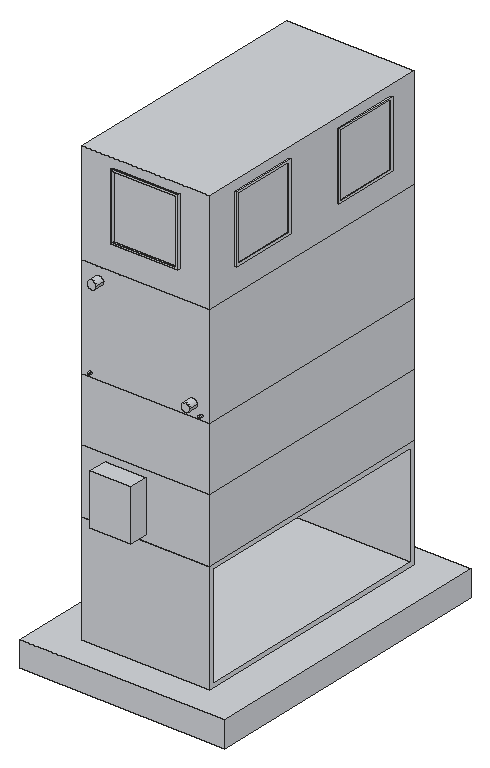
Revit family
Parameters
  Voltage [instance] = 480 V
  Unit Weight (lbs) = 5395
  Type Filter [instance] = "V-Bank"
  Type Fan [instance] = ""
  Type Coil = "CW"
  Type Blower [instance] = ""
  Total Static Pressure [instance] = 0.00 in-wg
  Total Cooling Capacity [instance] = 0.0 Btu/h
  Temperature Drop [instance] = 0 °F
  Supply Offset = 0' - 4"
  Supply Air Pressure Drop [instance] = 0.00 in-wg
  Supply Air Outlet Flow [instance] = 0 CFM
  Supply Air Inlet Flow [instance] = 0 CFM
  Supply = 1' - 8"
  URL = "http://appliedair.com/index.asp"
  Size Grilles [instance] = "30x30"
  Size Filters [instance] = "20x20x2"
  Size Blowers [instance] = "18x18"
  Series = "IFA"
  Rows Deep/FPI [instance] = "4/6"
  Right Coil Vertical Offset = 0' - 6"
  Right Coil Horizontal Offset = 0' - 8"
  Return Width Individual Opening = 2' - 7"
  Return Width = Nominal Length - 0' 4"  # 9' - 8"
  Return Height = 4' - 0"
  Return Air Pressure Drop [instance] = 0.00 in-wg
  Return Air Inlet Flow [instance] = 0 CFM
  Product URL = "http://appliedair.com/ifa.asp"
  Phase [instance] = 3
  OmniClass = "23-75 10 24 21 27 11"
  Number of Poles [instance] = 3
  Number of Motors [instance] = 0
  Number of Grills [instance] = 4
  Number of Filters [instance] = 36
  Number of Coils = 2
  Number of Blowers [instance] = 3
  Nominal Width = 5' - 0"
  Nominal Length = 10' - 0"
  Nominal Height = 17' - 4"
  Nominal Cooling Capacity Tons = 0
  Motor Amps [instance] = 0 A
  Model = "250 Cooling Only"
  Manufacturer = "Applied Air"
  Left Coil Vertical Offset = 0' - 6"
  Left Coil Horizontal Offset = 0' - 8"
  Leaving Water Temperature = 0 °F
  Grilles Height = 2' - 6"
  Grilles Width = 2' - 6"
  G = 4' - 0"
  Frequency = 60 Hz
  Feet Pressure Drop [instance] = 0' - 0"
  Face Velocity (FPM) [instance] = 0
  F = 4' - 0"
  Entering Water Temperature [instance] = 0 °F
  E = 2' - 6"
  Drain Vertical Offset = 0' - 2"
  Drain Radius = 0' - 0 1/2"
  Drain Pressure Drop [instance] = 0.00 psi
  Drain Horizontal Offset = 0' - 4"
  Drain Flow [instance] = 0 GPM
  Disconnect Switch = yes
  Description = "Cooling Coil Air Turnover System"
  Default Elevation = 0' - 0"
  D = 2' - 6"
  Cooling Sensible Capacity [instance] = 0 Btu/h
  Cooling Leaving Air Temperature Wet Bulb [instance] = 0 °F
  Cooling Leaving Air Temperature Dry Bulb [instance] = 0 °F
  Cooling Entering Air Temperature Wet Bulb [instance] = 0 °F
  Cooling Entering Air Temperature Dry Bulb [instance] = 0 °F
  Control Cabinet Offset = 0' - 9 3/256"
  Coil Radius = 0' - 2"
  Coil Offset = 0' - 4 51/256"
  Coil Face Area [instance] = if(Choose Coil Option = 1, 22.50 SF, if(Choose Coil Option = 2, 27.00 SF, if(Choose Coil Option = 3, 29.25 SF, 0.00 SF)))  # 22.50 SF
  Coil Air Pressure Drop [instance] = 0
  Choose Coil Option = 1
  Chilled Water Pressure [instance] = 0.00 in-wg
  Chilled Water Flow [instance] = 0 GPM
  C = 4' - 4"
  Blower Motor Horsepower [instance] = 0
  Assembly Code = "D3030200"
  Apparent Power [instance] = (Motor Amps * Number of Motors) * Voltage * sqrt(3)  # 0 VA
  Ambient Temperature [instance] = 0 °F
  39x108 Coils = Choose Coil Option = 3  # no
  36x108 Coils = Choose Coil Option = 2  # no
  30x108 Coils = Choose Coil Option = 1  # yes
Reference planes (in)
  plane 1 "Center (Front/Back)": y = 0
  plane 2: z = 0
  plane 3 "Center (Left/Right)": x = 0
  plane 4: z = 52
  plane 5: z = 82
  plane 6: z = 112
  plane 7: z = 160
  plane 8: z = 208
  plane 9: y = 60
  plane 10: y = -60
  plane 11: x = 30
  plane 12: x = -30
  plane 13: z = 188
  plane 14: y = -61.2
  plane 15: y = 61.2
  plane 16: x = 31.1875
  plane 17: x = 22
  plane 18: x = -22
  plane 19: z = 118
  plane 20: z = 154
  plane 21: y = -64.19922
  plane 22: z = 79
  plane 23: z = 55
  plane 24: y = -69.01172
  plane 25: z = 114
  plane 26: x = 26
  plane 27: x = -26
  plane 28: y = 30
  plane 29: y = -30
Forms (in)
  Extrusion 1, solid
    sketch origin (0, 0, 0) x (1, 0, 0) y (0, 1, 0)
      loop
        line (-48, 70.58401) -> (-48, -73.9399) -> (48, -73.9399) -> (48, 70.58401) -> (-48, 70.58401)
    from 0 to -12
  Extrusion 2, solid
    sketch origin (0, 50, 0) x (1, 0, 0) y (0, 0, 1)
      loop
        line (-30, 0) -> (30, 0) -> (30, 52) -> (-30, 52) -> (-30, 0)
    from -10 to 110
  Extrusion 3, solid
    sketch origin (0, 50, 52) x (1, 0, 0) y (0, 0, 1)
      loop
        line (-30, 0) -> (30, 0) -> (30, 30) -> (-30, 30) -> (-30, 0)
    from -10 to 110
  Extrusion 4, solid
    sketch origin (0, 50, 82) x (1, 0, 0) y (0, 0, 1)
      loop
        line (-30, 0) -> (30, 0) -> (30, 30) -> (-30, 30) -> (-30, 0)
    from -10 to 110
  Extrusion 5, solid
    sketch origin (0, 50, 112) x (1, 0, 0) y (0, 0, 1)
      loop
        line (-30, 0) -> (30, 0) -> (30, 48) -> (-30, 48) -> (-30, 0)
    from -10 to 110
  Extrusion 6, solid
    sketch origin (0, 50, 154) x (1, 0, 0) y (0, 0, 1)
      loop
        line (-30, 6) -> (30, 6) -> (30, 54) -> (-30, 54) -> (-30, 6)
    from -10 to 110
  Extrusion 7, solid
    sketch origin (0, 0, 0) x (1, 0, 0) y (0, 0, 1)
      loop
        line (-15, 203) -> (-15, 173) -> (15, 173) -> (15, 203) -> (-15, 203)
      loop
        line (-15.75, 172.25) -> (15.75, 172.25) -> (15.75, 203.75) -> (-15.75, 203.75) -> (-15.75, 172.25)
    from 60 to 61.2
  Extrusion 8, solid
    sketch origin (0, 0, 0) x (1, 0, 0) y (0, 0, -1)
      loop
        line (-15, -203) -> (15, -203) -> (15, -173) -> (-15, -173) -> (-15, -203)
      loop
        line (-15.75, -172.25) -> (-15.75, -203.75) -> (15.75, -203.75) -> (15.75, -172.25) -> (-15.75, -172.25)
    from 60 to 61.2
  Extrusion 9, solid
    sketch origin (0, 0, 0) x (0, 1, 0) y (0, 0, 1)
      loop
        line (-45, 203) -> (-45, 173) -> (-15, 173) -> (-15, 203) -> (-45, 203)
      loop
        line (15, 203) -> (15, 173) -> (45, 173) -> (45, 203) -> (15, 203)
      loop
        line (-45.75, 172.25) -> (-14.25, 172.25) -> (-14.25, 203.75) -> (-45.75, 203.75) -> (-45.75, 172.25)
      loop
        line (14.25, 172.25) -> (45.75, 172.25) -> (45.75, 203.75) -> (14.25, 203.75) -> (14.25, 172.25)
    from 30 to 31.1875
  Extrusion 10, void
    sketch origin (0, 0, 0) x (0, 1, 0) y (0, 0, 1)
      loop
        line (-58, 2) -> (58, 2) -> (58, 50) -> (-58, 50) -> (-58, 2)
    from -30 to 30
  Extrusion 11, solid
    sketch origin (0, 0, 0) x (1, 0, 0) y (0, 0, 1)
      loop
        circle (-22, 154) r 2
      loop
        circle (22, 118) r 2
    from 60 to 64.19922
  Extrusion 12, solid
    sketch origin (0, 0, 0) x (1, 0, 0) y (0, 0, 1)
      loop
        line (-19, 55) -> (0, 55) -> (0, 79) -> (-19, 79) -> (-19, 55)
    from 60 to 69.01172
  Extrusion 13, solid
    sketch origin (0, 0, 0) x (1, 0, 0) y (0, 0, 1)
      loop
        circle (26, 114) r 0.5
      loop
        circle (-26, 114) r 0.5
    from 60 to 61.2
  Extrusion 14, solid
    sketch origin (0, 0, 0) x (1, 0, 0) y (0, 0, 1)
      loop
        line (-26, 80) -> (-26, 54) -> (26, 54) -> (26, 80) -> (-26, 80)
    from -61.2 to -60
Cuts and joins
  Extrusion 10 cuts Extrusion 2
Dimensions and locks (in)
  "C": plane 4 to plane 2
  "D": plane 5 to plane 4
  "E": plane 6 to plane 5
  "F": plane 7 to plane 6
  "G": plane 8 to plane 7
  locked: plane 14 to plane 10 at 1.2
  locked: plane 9 to plane 15 at 1.2
  "Nominal Length": plane 10 to plane 9
  "Nominal Width": plane 12 to plane 11
  equal spacing: plane 12, plane 3 "Center (Left/Right)", plane 11
  plane 8 to plane 2 = 17' - 4"
  locked: plane 11 to plane 16 at 1.1875
  "Supply": plane 8 to plane 13
  "Return Height": Extrusion 10 sketch curve to Extrusion 10 sketch curve
  "Right Coil Horizontal Offset": plane 17 to plane 11
  "Left Coil Horizontal Offset": plane 12 to plane 18
  "Right Coil Vertical Offset": plane 19 to plane 6
  "Left Coil Vertical Offset": plane 7 to plane 20
  locked: Extrusion 11 sketch curve to plane 18 at 0
  locked: Extrusion 11 sketch curve to plane 17 at 0
  locked: Extrusion 11 sketch curve to plane 19 at 0
  locked: Extrusion 11 sketch curve to plane 20 at 0
  "Coil Offset": plane 21 to plane 10
  locked: Extrusion 12 sketch curve to Extrusion 12 sketch curve at 19
  locked: plane 22 to plane 23 at 24
  locked: plane 5 to plane 22 at 3
  "Control Cabinet Offset": plane 24 to plane 10
  "Drain Vertical Offset": plane 25 to plane 6
  "Drain Horizontal Offset": plane 26 to plane 11
  "Drain Horizontal Offset": plane 12 to plane 27
  locked: Extrusion 13 sketch curve to plane 25 at 0  (x2)
  locked: Extrusion 13 sketch curve to plane 27 at 0
  locked: Extrusion 13 sketch curve to plane 26 at 0
  "Grilles Height": Extrusion 7 sketch curve to Extrusion 7 sketch curve  (x2)
  equal spacing: Extrusion 7 sketch curve, plane 13, Extrusion 7 sketch curve
  equal spacing: Extrusion 7 sketch curve, plane 3 "Center (Left/Right)", Extrusion 7 sketch curve
  equal spacing: Extrusion 8 sketch curve, plane 13, Extrusion 8 sketch curve
  "Grilles Height": Extrusion 8 sketch curve to Extrusion 8 sketch curve  (x2)
  equal spacing: Extrusion 8 sketch curve, plane 3 "Center (Left/Right)", Extrusion 8 sketch curve
  locked: Extrusion 14 sketch curve to plane 27 at 0
  locked: Extrusion 14 sketch curve to plane 26 at 0
  locked: Extrusion 14 sketch curve to plane 4 at 2
  locked: Extrusion 14 sketch curve to plane 5 at 2
  equal spacing: plane 10, plane 1 "Center (Front/Back)", plane 9
  plane 10 to plane 29 to plane 1 "Center (Front/Back)" to plane 28 to plane 9 = 2' - 6", 2' - 6", 2' - 6", 2' - 6"
  equal spacing: Extrusion 9 sketch curve, plane 29, Extrusion 9 sketch curve
  "Grilles Width": Extrusion 9 sketch curve to Extrusion 9 sketch curve  (x2)
  "Grilles Height": Extrusion 9 sketch curve to Extrusion 9 sketch curve  (x2)
  equal spacing: Extrusion 9 sketch curve, plane 13, Extrusion 9 sketch curve  (x2)
  equal spacing: Extrusion 9 sketch curve, plane 28, Extrusion 9 sketch curve
  "Coil Radius": radius of Extrusion 11 sketch curve  (x2)
  "Drain Radius": radius of Extrusion 13 sketch curve  (x2)
  aligned and locked: plane 2 to Extrusion 1
  aligned and locked: level to Extrusion 1
  aligned and locked: Extrusion 2 to plane 2
  aligned and locked: Extrusion 2 to plane 4
  aligned and locked: plane 4 to Extrusion 3
  aligned and locked: plane 5 to Extrusion 3
  aligned and locked: Extrusion 4 to plane 5
  aligned and locked: plane 6 to Extrusion 4
  aligned and locked: Extrusion 5 to plane 6
  aligned and locked: plane 7 to Extrusion 5
  aligned and locked: plane 8 to Extrusion 6
  aligned and locked: Extrusion 6 to plane 7
  aligned and locked: plane 9 to Extrusion 2
  aligned and locked: Extrusion 3 to plane 9
  aligned and locked: Extrusion 4 to plane 9
  aligned and locked: Extrusion 5 to plane 9
  aligned and locked: Extrusion 6 to plane 9
  aligned and locked: plane 10 to Extrusion 2
  aligned and locked: plane 10 to Extrusion 3
  aligned and locked: plane 10 to Extrusion 4
  aligned and locked: plane 10 to Extrusion 5
  aligned and locked: plane 10 to Extrusion 6
  aligned and locked: plane 11 to Extrusion 6
  aligned and locked: Extrusion 5 to plane 11
  aligned and locked: Extrusion 4 to plane 11
  aligned and locked: plane 11 to Extrusion 3
  aligned and locked: Extrusion 2 to plane 11
  aligned and locked: plane 12 to Extrusion 6
  aligned and locked: plane 12 to Extrusion 5
  aligned and locked: plane 12 to Extrusion 4
  aligned and locked: plane 12 to Extrusion 3
  aligned and locked: plane 12 to Extrusion 2
  aligned and locked: plane 14 to Extrusion 7
  aligned and locked: Extrusion 7 to plane 10
  aligned and locked: Extrusion 8 to plane 15
  aligned and locked: plane 11 to Extrusion 9
  aligned and locked: Extrusion 9 to plane 16
  aligned and locked: Extrusion 2 to Extrusion 10  (x2)
  aligned and locked: Extrusion 11 to plane 10
  aligned and locked: plane 21 to Extrusion 11
  aligned and locked: plane 22 to Extrusion 12 sketch curve
  aligned and locked: Extrusion 12 sketch curve to plane 23
  aligned and locked: Extrusion 12 to plane 10
  aligned and locked: plane 24 to Extrusion 12
  aligned and locked: plane 14 to Extrusion 13
  aligned and locked: Extrusion 4 to Extrusion 13
  aligned and locked: plane 15 to Extrusion 14
  aligned and locked: Extrusion 14 to Extrusion 3
  aligned and locked: Extrusion 8 to Extrusion 6
Automatic sketch dimensions
  Extrusion 1 sketch curve to Extrusion 1 sketch curve = 8' - 0"
  Extrusion 1 sketch curve to Extrusion 1 sketch curve = 12' - 0.52391"
  Extrusion 2 sketch curve to level = 0' - 0"
  Extrusion 2 sketch curve to plane 12 = 0' - 0"
  Extrusion 2 sketch curve to plane 4 = 0' - 0"
  Extrusion 2 sketch curve to plane 11 = 0' - 0"
  Extrusion 3 sketch curve to plane 4 = 0' - 0"
  Extrusion 3 sketch curve to plane 12 = 0' - 0"
  Extrusion 3 sketch curve to plane 5 = 0' - 0"
  Extrusion 3 sketch curve to plane 11 = 0' - 0"
  Extrusion 4 sketch curve to plane 5 = 0' - 0"
  Extrusion 4 sketch curve to plane 12 = 0' - 0"
  Extrusion 4 sketch curve to plane 6 = 0' - 0"
  Extrusion 4 sketch curve to plane 11 = 0' - 0"
  Extrusion 5 sketch curve to plane 6 = 0' - 0"
  Extrusion 5 sketch curve to plane 12 = 0' - 0"
  Extrusion 5 sketch curve to plane 7 = 0' - 0"
  Extrusion 5 sketch curve to plane 11 = 0' - 0"
  Extrusion 6 sketch curve to plane 7 = 0' - 0"
  Extrusion 6 sketch curve to plane 12 = 0' - 0"
  Extrusion 6 sketch curve to plane 8 = 0' - 0"
  Extrusion 6 sketch curve to plane 11 = 0' - 0"
  Extrusion 12 sketch curve to plane 3 "Center (Left/Right)" = 0' - 0"
  Extrusion 9 sketch curve to Extrusion 9 sketch curve = 0' - 0 3/4"  (x5)
  Extrusion 7 sketch curve to Extrusion 7 sketch curve = 0' - 0 3/4"  (x4)
  Extrusion 8 sketch curve to Extrusion 8 sketch curve = 0' - 0 3/4"  (x4)
  Extrusion 10 sketch curve to plane 10 = 0' - 2"
  plane 9 to Extrusion 10 sketch curve = 0' - 2"
  level to Extrusion 10 sketch curve = 0' - 2"
  plane 7 to Extrusion 9 sketch curve = 1' - 0 1/4"  (x2)
  Extrusion 9 sketch curve to plane 1 "Center (Front/Back)" = 1' - 2 1/4"
Connectors (in)
  piping at (-22, -64.19922, 154), driven by "Coil Radius", driven by "Chilled Water Flow", driven by "Chilled Water Pressure"
    settings: on Extrusion 11, index 1
  piping at (22, -64.19922, 118), driven by "Coil Radius", driven by "Chilled Water Flow", driven by "Chilled Water Pressure"
    settings: on Extrusion 11, index 2
  hvac at (30, 0, 26), driven by "Return Height", driven by "Return Width", driven by "Return Air Inlet Flow"
    settings: on cut or joined group of Extrusion 2, Extrusion 10, index 3
  hvac at (-30, 0, 26), driven by "Return Height", driven by "Return Width", driven by "Supply Air Inlet Flow"
    settings: on cut or joined group of Extrusion 2, Extrusion 10, index 4
  piping at (26, -61.2, 114), driven by "Drain Radius", driven by "Drain Flow"
    settings: on Extrusion 13, index 6
  piping at (-26, -61.2, 114), driven by "Drain Radius", driven by "Drain Flow"
    settings: on Extrusion 13, index 7
  hvac at (0, -60, 188), driven by "Grilles Height", driven by "Grilles Width", driven by "Supply Air Outlet Flow"
    settings: on Extrusion 7, index 8
  hvac at (30, -30, 188), driven by "Grilles Height", driven by "Grilles Width", driven by "Supply Air Outlet Flow"
    settings: on Extrusion 9, index 9
  hvac at (30, -30, 188), driven by "Grilles Height", driven by "Grilles Width", driven by "Supply Air Outlet Flow"
    settings: on Extrusion 9, index 10
  hvac at (30, -30, 188), driven by "Grilles Height", driven by "Grilles Width", driven by "Supply Air Outlet Flow"
    settings: on Extrusion 9, index 11
  hvac at (30, 30, 188), driven by "Grilles Height", driven by "Grilles Width", driven by "Supply Air Outlet Flow"
    settings: on Extrusion 9, index 12
  hvac at (0, 60, 188), driven by "Grilles Height", driven by "Grilles Width", driven by "Supply Air Outlet Flow"
    settings: on Extrusion 8, index 13
  electrical at (26, 60.6, 67), driven by "Number of Poles", driven by "Voltage", driven by "Apparent Power"
    settings: on Extrusion 14, index 14
